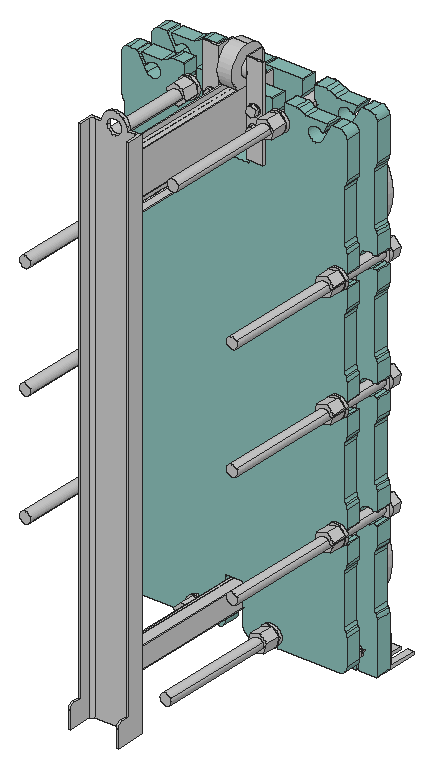
Revit family "MIT 741 - Heat Exchanger", category Specialty Equipment, Revit 2022 (continued)
Automatic sketch dimensions
  Extrusion 37 sketch curve to Extrusion 37 sketch curve = 28.50 mm  (x2)
  level to Extrusion 37 sketch curve = 250.00 mm
  Extrusion 37 sketch curve to Extrusion 37 sketch curve = 36.50 mm  (x2)
  Extrusion 37 sketch curve to Extrusion 37 sketch curve = 73.00 mm
  plane 11 "12" to Extrusion 37 sketch curve = 36.50 mm  (x2)
  plane 11 "12" to Extrusion 37 sketch curve = 73.00 mm
  Extrusion 37 sketch curve to Extrusion 37 sketch curve = 33.50 mm
  Extrusion 37 sketch curve to Extrusion 37 sketch curve = 26.00 mm  (x2)
  Extrusion 37 sketch curve to Extrusion 37 sketch curve = 72.50 mm  (x2)
  plane 11 "12" to Extrusion 38 sketch curve = 106.50 mm
  plane 3 "Center (Left/Right)" to Extrusion 38 sketch curve = 247.00 mm
  plane 3 "Center (Left/Right)" to Extrusion 38 sketch curve = 33.85 mm  (x2)
  Extrusion 38 sketch curve to plane 3 "Center (Left/Right)" = 33.85 mm  (x2)
  Extrusion 38 sketch curve to Extrusion 38 sketch curve = 213.15 mm
  plane 11 "12" to Extrusion 38 sketch curve = 73.00 mm
  level to Extrusion 38 sketch curve = 177.00 mm
  level to Extrusion 38 sketch curve = 143.50 mm  (x2)
  Extrusion 38 sketch curve to Extrusion 38 sketch curve = 33.50 mm
  Extrusion 39 sketch curve to Extrusion 39 sketch curve = 0.00 mm  (x8)
  Extrusion 39 sketch curve to plane 11 "12" = 0.00 mm  (x2)
  Extrusion 39 sketch curve to plane 3 "Center (Left/Right)" = 148.50 mm  (x2)
  plane 3 "Center (Left/Right)" to Extrusion 39 sketch curve = 148.50 mm  (x2)
  level to Extrusion 39 sketch curve = 250.00 mm  (x2)
  Extrusion 39 sketch curve to plane 11 "12" = 142.50 mm  (x2)
  Extrusion 39 sketch curve to Extrusion 39 sketch curve = 142.50 mm  (x2)
  Extrusion 40 sketch curve to level = 0.00 mm
  Extrusion 40 sketch curve to plane 3 "Center (Left/Right)" = 305.00 mm
  Extrusion 40 sketch curve to plane 3 "Center (Left/Right)" = 280.00 mm  (x3)
  Extrusion 40 sketch curve to plane 11 "12" = 135.01 mm  (x2)
  Extrusion 40 sketch curve to Extrusion 40 sketch curve = 52.50 mm
  Extrusion 40 sketch curve to plane 3 "Center (Left/Right)" = 120.00 mm
  Extrusion 40 sketch curve to plane 3 "Center (Left/Right)" = 100.00 mm
  plane 3 "Center (Left/Right)" to Extrusion 40 sketch curve = 100.00 mm
  plane 3 "Center (Left/Right)" to Extrusion 40 sketch curve = 120.00 mm
  level to Extrusion 40 sketch curve = 46.75 mm  (x2)
  Extrusion 40 sketch curve to Extrusion 40 sketch curve = 152.50 mm
  plane 3 "Center (Left/Right)" to Extrusion 40 sketch curve = 280.00 mm  (x3)
  Extrusion 40 sketch curve to Extrusion 40 sketch curve = 185.00 mm
  level to Extrusion 40 sketch curve = 77.50 mm  (x2)
  Extrusion 40 sketch curve to Extrusion 40 sketch curve = 338.25 mm  (x2)
  Extrusion 40 sketch curve to Extrusion 40 sketch curve = 309.99 mm  (x2)
  plane 11 "12" to Extrusion 40 sketch curve = 190.00 mm  (x2)
  Extrusion 40 sketch curve to Extrusion 40 sketch curve = 50.00 mm
  Extrusion 41 sketch curve to Extrusion 41 sketch curve = 0.00 mm  (x21)
  level to Extrusion 41 sketch curve = 50.00 mm  (x2)
  plane 3 "Center (Left/Right)" to Extrusion 41 sketch curve = 305.00 mm
  plane 3 "Center (Left/Right)" to Extrusion 41 sketch curve = 280.00 mm  (x3)
  Extrusion 41 sketch curve to plane 11 "12" = 135.01 mm  (x2)
  plane 3 "Center (Left/Right)" to Extrusion 41 sketch curve = 120.00 mm
  plane 3 "Center (Left/Right)" to Extrusion 41 sketch curve = 100.00 mm
  plane 3 "Center (Left/Right)" to Extrusion 41 sketch curve = 57.70 mm
  plane 3 "Center (Left/Right)" to Extrusion 41 sketch curve = 41.00 mm
  plane 3 "Center (Left/Right)" to Extrusion 41 sketch curve = 23.00 mm
  Extrusion 41 sketch curve to plane 3 "Center (Left/Right)" = 23.00 mm
  Extrusion 41 sketch curve to plane 3 "Center (Left/Right)" = 41.00 mm
  Extrusion 41 sketch curve to plane 3 "Center (Left/Right)" = 57.70 mm
  Extrusion 41 sketch curve to Extrusion 41 sketch curve = 16.70 mm
  Extrusion 41 sketch curve to Extrusion 41 sketch curve = 77.00 mm
  Extrusion 41 sketch curve to Extrusion 41 sketch curve = 162.30 mm
  Extrusion 41 sketch curve to plane 3 "Center (Left/Right)" = 280.00 mm  (x3)
  Extrusion 41 sketch curve to Extrusion 41 sketch curve = 205.00 mm  (x3)
  level to Extrusion 41 sketch curve = 77.50 mm  (x2)
  Extrusion 41 sketch curve to Extrusion 41 sketch curve = 102.50 mm
  Extrusion 41 sketch curve to Extrusion 41 sketch curve = 309.99 mm  (x2)
  plane 11 "12" to Extrusion 41 sketch curve = 60.50 mm
  Extrusion 41 sketch curve to Extrusion 41 sketch curve = 87.20 mm  (x2)
  Extrusion 41 sketch curve to Extrusion 41 sketch curve = 42.30 mm  (x2)
  Extrusion 41 sketch curve to Extrusion 41 sketch curve = 45.30 mm
  Extrusion 41 sketch curve to Extrusion 41 sketch curve = 7.70 mm
  Extrusion 41 sketch curve to Extrusion 41 sketch curve = 50.00 mm  (x2)
  Extrusion 41 sketch curve to Extrusion 41 sketch curve = 21.00 mm  (x9)
  Extrusion 41 sketch curve to Extrusion 41 sketch curve = 20.00 mm
  plane 3 "Center (Left/Right)" to Revolve 43 sketch curve = 210.50 mm
  Revolve 43 sketch curve to Revolve 43 sketch curve = 20.25 mm  (x2)
  plane 9 "Bolt End" to Revolve 43 sketch curve = 9.50 mm
  Revolve 43 sketch curve to Revolve 43 sketch curve = 62.00 mm
  Revolve 43 sketch curve to Revolve 43 sketch curve = 105.00 mm
  plane 1 "Center (Front/Back)" to Revolve 44 sketch curve = 0.00 mm
  Revolve 44 sketch curve to plane 7 "1" = 0.00 mm
  Revolve 44 sketch curve to plane 1 "Center (Front/Back)" = 3.00 mm
  Revolve 44 sketch curve to plane 3 "Center (Left/Right)" = 86.50 mm
  Revolve 44 sketch curve to Revolve 44 sketch curve = 20.25 mm  (x2)
  Revolve 44 sketch curve to plane 7 "1" = 3.00 mm
  plane 9 "Bolt End" to Revolve 44 sketch curve = 9.50 mm
  Revolve 44 sketch curve to Revolve 44 sketch curve = 62.00 mm
  Revolve 44 sketch curve to Revolve 44 sketch curve = 105.00 mm
  plane 1 "Center (Front/Back)" to Revolve 45 sketch curve = 0.00 mm
  Revolve 45 sketch curve to plane 7 "1" = 0.00 mm
  Revolve 45 sketch curve to plane 1 "Center (Front/Back)" = 3.00 mm
  Revolve 45 sketch curve to plane 3 "Center (Left/Right)" = 86.50 mm
  Revolve 45 sketch curve to Revolve 45 sketch curve = 20.25 mm  (x2)
  Revolve 45 sketch curve to plane 7 "1" = 3.00 mm
  plane 9 "Bolt End" to Revolve 45 sketch curve = 9.50 mm
  Revolve 45 sketch curve to Revolve 45 sketch curve = 62.00 mm
  Revolve 45 sketch curve to Revolve 45 sketch curve = 105.00 mm
  plane 1 "Center (Front/Back)" to Revolve 46 sketch curve = 0.00 mm
  Revolve 46 sketch curve to plane 7 "1" = 0.00 mm
  Revolve 46 sketch curve to plane 1 "Center (Front/Back)" = 3.00 mm
  plane 3 "Center (Left/Right)" to Revolve 46 sketch curve = 210.50 mm
  Revolve 46 sketch curve to Revolve 46 sketch curve = 20.25 mm  (x2)
  Revolve 46 sketch curve to plane 7 "1" = 3.00 mm
  plane 9 "Bolt End" to Revolve 46 sketch curve = 9.50 mm
  Revolve 46 sketch curve to Revolve 46 sketch curve = 62.00 mm
  Revolve 46 sketch curve to Revolve 46 sketch curve = 105.00 mm
  radius of Extrusion 1 to Extrusion 6 sketch curve = 3.00 mm  (x2)
  radius of Extrusion 2 to Extrusion 14 sketch curve = 6.50 mm  (x6)
  radius of Extrusion 14 sketch curve to Extrusion 2 = 6.00 mm  (x6)
  radius of Extrusion 21 sketch curve = 55.00 mm
  radius of Extrusion 21 sketch curve = 25.00 mm
  radius of Extrusion 22 sketch curve = 24.50 mm
  radius of Extrusion 35 sketch curve = 21.00 mm  (x10)
  radius of Extrusion 35 sketch curve = 20.00 mm  (x2)
  radius of Extrusion 35 sketch curve = 11.00 mm  (x2)
  radius of Extrusion 35 sketch curve = 9.50 mm  (x4)
  radius of Extrusion 36 sketch curve = 10.50 mm  (x4)
  radius of Extrusion 40 sketch curve = 21.00 mm  (x10)
  radius of Extrusion 40 sketch curve = 11.00 mm  (x2)
  radius of Extrusion 41 sketch curve = 10.50 mm  (x4)
Connectors
  piping at (148.5, 28.2, 1140), diameter 152.4
    settings: on Extrusion 16, index 1, connector inside diameter 609.6 mm, connector length 0.00 mm, flow factor 0, pipe flow 0.0 L/s, pressure drop 0 bar, fitting loss kfactor 0, connector angle 0.00°, fixture units 0, engagement length 0.00 mm, angle of deflection 0.00°, flow configuration 0, flow direction 1, fitting loss method 0, system type 7, joint type 0, gender type 0, connector reference index -1, connector utility 0, adjustable connector no, is connector primary yes, connector description ""
  piping at (-148.5, 28.2, 1140), diameter 152.4
    settings: on Extrusion 16, index 2, connector inside diameter 609.6 mm, connector length 0.00 mm, flow factor 0, pipe flow 0.0 L/s, pressure drop 0 bar, fitting loss kfactor 0, connector angle 0.00°, fixture units 0, engagement length 0.00 mm, angle of deflection 0.00°, flow configuration 0, flow direction 2, fitting loss method 0, system type 7, joint type 0, gender type 0, connector reference index -1, connector utility 0, adjustable connector no, is connector primary no, connector description ""
  piping at (148.5, 28.2, 250), diameter 152.4
    settings: on Extrusion 16, index 3, connector inside diameter 609.6 mm, connector length 0.00 mm, flow factor 0, pipe flow 0.0 L/s, pressure drop 0 bar, fitting loss kfactor 0, connector angle 0.00°, fixture units 0, engagement length 0.00 mm, angle of deflection 0.00°, flow configuration 0, flow direction 2, fitting loss method 0, system type 7, joint type 0, gender type 0, connector reference index -1, connector utility 0, adjustable connector no, is connector primary no, connector description ""
  piping at (-148.5, 28.2, 250), diameter 152.4
    settings: on Extrusion 16, index 4, connector inside diameter 609.6 mm, connector length 0.00 mm, flow factor 0, pipe flow 0.0 L/s, pressure drop 0 bar, fitting loss kfactor 0, connector angle 0.00°, fixture units 0, engagement length 0.00 mm, angle of deflection 0.00°, flow configuration 0, flow direction 1, fitting loss method 0, system type 7, joint type 0, gender type 0, connector reference index -1, connector utility 0, adjustable connector no, is connector primary no, connector description ""
